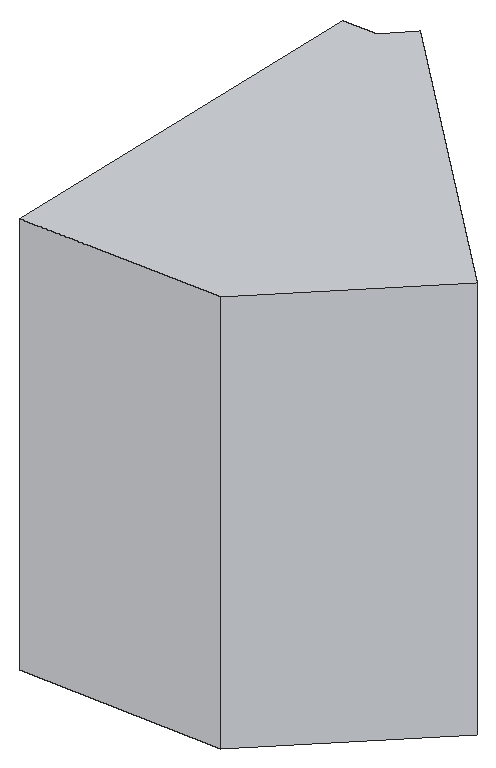
Revit family "M_Cotovelo retangular - 90 graus", category Conexões de duto, Revit 2019
Family settings
  Cota do conector redondo = Utilizar diâmetro
  Tipo de parte = Cotovelo
  Número OmniClass = 23.75.70.14
  Título OmniClass = Air Ductwork
  ID de item do Seek = Rectangular Elbow - Mitered-0000-CAN-ENU
  Com base no plano de trabalho = Não
  Sempre na vertical = Sim
  Corte com vazios quando carregada = Não
  Compartilhado = Não
Parameters (values of type "Padrão")
  Largura do duto [instance] = 300 mm
  Anteparo = 25 mm
  Comprimento do duto 1 [instance] = tan(Ângulo / 2) * Largura do duto / 2 + Anteparo  # 87.132 mm
  Altura do duto [instance] = 300 mm
  Ângulo [instance] = 45.00°
Reference planes
  plane 1 "Centro (Frente/Trás)": y = 0
  plane 2: z = 0
  plane 3 "Centro (Esquerda/Direita)": x = 0
  plane 4: x = -87.132
Forms (mm)
  Sweep 1, solid, detail levels medium+fine
    path in 3D
      loop
        line (-87.132, 0, 0) -> (0, 0, 0) -> (61.612, 61.612, 0)
    profile "M_Duto - Retangular : Duto - Retangular" origin (-43.566, 0, 0) x (0, 1, 0) y (0, 0, 1)
      loop
        line (-150, 150) -> (-150, -150) -> (150, -150) -> (150, 150) -> (-150, 150)
Lines and regions (mm)
  reference lines
    curve 1: line (-87.132, 0, 0) -> (0, 0, 0)
  model lines, style "DuctFitting", detail levels coarse
    curve 2: line (0, 0, 0) -> (61.612, 61.612, 0)
    curve 5: line (-87.132, 0, 0) -> (0, 0, 0)
  sketch lines
    curve 3: line (-87.132, 0, 0) -> (0, 0, 0)
    curve 4: line (0, 0, 0) -> (61.612, 61.612, 0)
Dimensions and locks
  "Comprimento do duto 1": plane 4 to plane 3 "Centro (Esquerda/Direita)"
  "Comprimento do duto 1": curve 2 to curve 2
  "Ângulo": angle plane 1 "Centro (Frente/Trás)" to curve 2
  aligned and locked: plane 1 "Centro (Frente/Trás)" to curve 1
  aligned and locked: plane 3 "Centro (Esquerda/Direita)" to curve 1
  aligned and locked: plane 4 to curve 1
  aligned and locked: curve 5 to curve 1
Automatic sketch dimensions
  curve 5 to plane 4 = 0 mm
  curve 5 to plane 3 "Centro (Esquerda/Direita)" = 0 mm
Connectors
  hvac at (-87.132, 0, 0), driven by "Altura do duto", driven by "Largura do duto", driven by "Ângulo"
    settings: on Sweep 1, index 1, duct flow 0.0 L/s, flow factor 0, pres drop 0.0 Pa, loss coef 0, conn angle 45.00°, conn width 300 mm, conn height 300 mm, conn diameter 609.6 mm, duct sys type 28, conn prof type 1, flow config 0, flow direction 0, loss method 0, conn ref index 2, conn util no, is conn primary yes, conn desc ""
  hvac at (61.612, 61.612, 0), driven by "Altura do duto", driven by "Largura do duto", driven by "Ângulo"
    settings: on Sweep 1, index 2, duct flow 0.0 L/s, flow factor 0, pres drop 0.0 Pa, loss coef 0, conn angle 45.00°, conn width 300 mm, conn height 300 mm, conn diameter 609.6 mm, duct sys type 28, conn prof type 1, flow config 0, flow direction 0, loss method 0, conn ref index 1, conn util no, is conn primary no, conn desc ""
